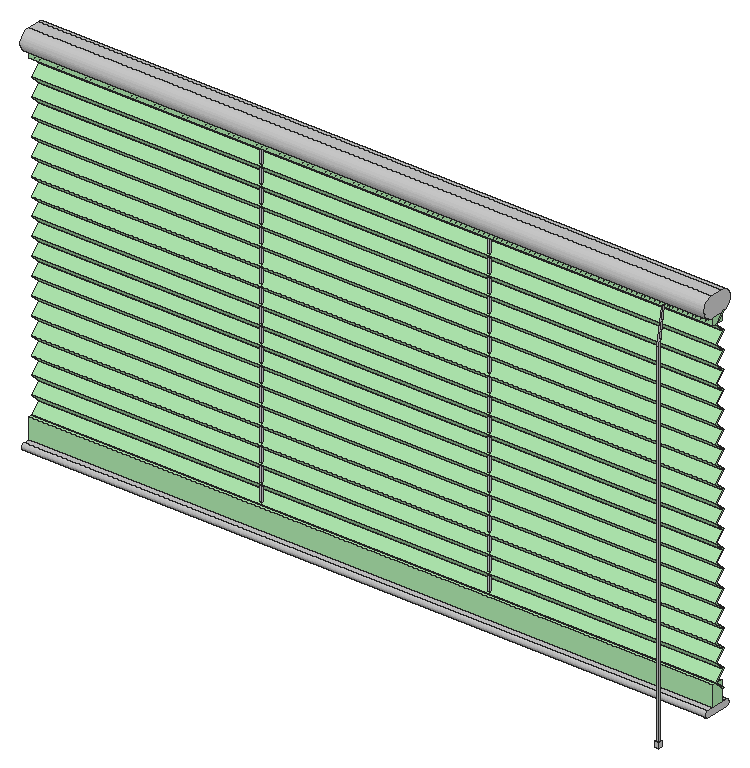
Revit family "Window-Treatment_Pleated_SWFcontract_Pleated-Motorized", category Specialty Equipment, Revit 2026
Family settings
  Round Connector Dimension = Use Diameter
  Part Type = Normal
  Classification Number = 23.30.60.14
  Work Plane-Based = Yes
  Enable Cutting in Views = No
  Always vertical = No
  Cut with Voids When Loaded = No
  Maintain Annotation Orientation = No
  Shared = No
  Room Calculation Point = No
Parameters (values of type "FashionPleat Motorized")
  cellvis [instance] = not(or(and(Cell Count = 2, Large Single Cell Construction), and(or(Small Single Cell Construction, Double Cell Construction), Percent Open = 100)))  # yes
  cellcountcontrol [instance] = if(cellheightcontrol < percentopen, Cell Count + 1, Cell Count)  # 19
  Small Single Cell Construction = yes
  cellheightcontrol [instance] = Cell Count * Cell Spacing  # 1' - 10 1/2"
  slatstackvis [instance] = Percent Open > 0  # yes
  slatstackdepthcount [instance] = ((Unit Height - (Header Height + 0' 0 7/16")) - percentopen) / 0' 1"  # 23
  slatstackdepth [instance] = if(slatstackvis, slatstackdepthcount * 0' 0 1/16", 0' 0")  # 0' - 1 7/16"
  percentopenknob [instance] = (Unit Height - (0' 10")) - ((Unit Height - (0' 10")) * (Percent Open / 100))  # 1' - 7"
  percentopen [instance] = (Unit Height - (Header Height + 0' 0 7/16")) - ((Unit Height - (Header Height + 0' 0 7/16")) * (Percent Open / 100))  # 1' - 11 1/16"
  Large Single Cell Construction = no
  Include Fabric Tapes [instance] = yes
  Header Height = 0' - 1 7/16"
  Header Depth = 0' - 2"
  handlelength = Unit Height * 0.625  # 2' - 6"
  Warranty Duration (Years) = 0
  Unit Width = 4' - 0"
  Unit Height = 4' - 0"
  URL = "http://www.swfcontract.com/Pages/Home.aspx"
  Specification = "http://www.arcat.com/sdspecs/htm/12490swf.htm"
  SpecWizard = "http://www.arcat.com/specwizard/clients/springsw.html?coid=46294"
  Double Cell Construction = no
  Cell Spacing = 0' - 1 1/4"  # constant formula
  Cell Count [instance] = if((percentopen / 2) < Cell Spacing * 2, 2, (percentopen) / Cell Spacing)  # 18
  Send Message = "http://www.arcat.com/users.pl?action=UserEmail&company=SWFcontract&coid=46294&rep=147&fax=&mf="
  Sales Information = "http://www.swfcontract.com/Pages/Contact-Us.aspx"
  Revision = "R1_03-2014"
  Product Properties = ""
  Product Data = "http://www.arcat.com/arcatcos/cos46/arc46294.html"
  Percent Open [instance] = 50
  Model = "Graber FashionPleat as Specified"
  Manufacturer Website = "http://www.swfcontract.com/Pages/Home.aspx"
  Manufacturer Phone - Toll Free = "800-327-9798"
  Manufacturer Phone = ""
  Manufacturer Fax = ""
  Manufacturer Address = "7549 Graber Rd.  Middleton, WI 53562-1096"
  Manufacturer = "SWFcontract"
  Maintenance Schedule (Months) = 0
  Keynote = "12490"
  Installation-Fabrication = ""
  Installation Phase = ""
  Green Building-LEED = "http://www.arcat.com/green/clients/leed_data_46294.html"
  Fixture Material [instance] = Metal - SWFcontract - Color as Specified
  Fabric Color [instance] = Fabric - SWFcontract - Fabric as Specified
  Expected Lifespan (Years) = 0
  Drawn By = "Sumex Design, Inc. / Robert S. Weygant, CSI, CDT, SCIP"
  Description = "SWFcontract Motorized Pleated Shade - Graber FashionPleat as Specified"
  Default Elevation = 0' - 0"
  Copyright = "©Arcat Inc."
  Control Chord Right [instance] = yes
  Control Chord Left [instance] = not(Control Chord Right)  # no
  Construction Details = "http://www.arcat.com/details/springsw/springsw.html?coid=46294"
  Coarse Medium View Blind Material [instance] = Fabric - SWFcontract - Fabric Pleated as Specified
  Assembly Code = "E2010300"
Types (2): name | Small Single Cell Construction | Double Cell Construction | Model | Description
  FashionPleat Motorized | yes | no | "Graber FashionPleat as Specified" | "SWFcontract Motorized Pleated Shade - Graber FashionPleat as Specified"
  EvenPleat Motorized | no | yes | "Graber EvenPleat as Specified" | "SWFcontract Motorized Pleated Shade - Graber EvenPleat as Specified"
Reference planes (in)
  plane 1 "Vertical Surface": y = 0
  plane 2 "Bottom": z = 0
  plane 3 "Center (Left/Right)": x = 0
  plane 4 "Left": x = -24
  plane 5 "Right": x = 24
  plane 6 "Top": z = 48
  plane 7: x = -16
  plane 8: x = 16
  plane 9: z = 21.625
  plane 10: x = -8
  plane 11: x = 8
  plane 12: z = 46.5625
  plane 13: z = 22.0625
  plane 14: z = 19
  plane 15: x = 21
  plane 16: x = -21
  plane 17: z = 45.125
  plane 18: y = -2
  plane 19: y = -1
  plane 20: z = 24.75
  plane 21: z = 23.5
Forms (in)
  Extrusion 1, solid, material "Metal - SWFcontract - Color as Specified" <- "Fixture Material"
    sketch origin (0, 0, 0) x (0, 1, 0) y (0, 0, 1)
      loop
        arc (-0.5625, 46.5625) -> (0.15625, 47.28125) -> (-0.5625, 48) r 0.71875
        line (-0.5625, 48) -> (-1.4375, 48)
        arc (-1.4375, 48) -> (-2.15625, 47.28125) -> (-1.4375, 46.5625) r 0.71875
        line (-1.4375, 46.5625) -> (-0.5625, 46.5625)
    from -24 to 24
  Extrusion 2, solid, material "Metal - SWFcontract - Color as Specified" <- "Fixture Material"
    sketch origin (15.5, -180, 2.35823) x (0, 0, 1) y (0, -1, 0)
      loop
        arc (19.70427, -178.21875) -> (19.48552, -178) -> (19.26677, -178.21875) r 0.21875
        line (19.26677, -178.21875) -> (19.26677, -179.78125)
        arc (19.26677, -179.78125) -> (19.48552, -180) -> (19.70427, -179.78125) r 0.21875
        line (19.70427, -179.78125) -> (19.70427, -178.21875)
    from -39.5 to 8.5
  Extrusion 3, solid, material "Fabric - SWFcontract - Fabric Pleated as Specified" <- "Coarse Medium View Blind Material", detail levels coarse+medium
    sketch origin (0, 0, 0) x (0, 1, 0) y (0, 0, 1)
      loop
        line (-0.625, 22.0625) -> (-0.625, 47.33594) -> (-1.375, 47.33594) -> (-1.375, 22.0625) -> (-0.625, 22.0625)
    from -24 to 24
  Extrusion 4, solid, material "Metal - SWFcontract - Color as Specified" <- "Fixture Material", visible <- "Control Chord Right"
    sketch origin (21, -180, 73.87488) x (0, 0, 1) y (0, -1, 0)
      loop
        line (-27.31238, -177.90899) -> (-29.68065, -177.53399) -> (-54.49988, -177.53399) -> (-54.49988, -177.62774) -> (-29.693, -177.62774) -> (-27.31238, -178.00605) -> (-27.31238, -177.90899)
    from 0.04688 to -0.04688
  Extrusion 5, solid, material "Metal - SWFcontract - Color as Specified" <- "Fixture Material", visible <- "Control Chord Right"
    sketch origin (21, -180, 73.87488) x (0, 0, 1) y (0, -1, 0)
      loop
        line (-54.49988, -177.46377) -> (-54.87488, -177.46377) -> (-54.87488, -177.71377) -> (-54.49988, -177.71377) -> (-54.49988, -177.46377)
    from 0.125 to -0.125
  Extrusion 6, solid, material "Fabric - SWFcontract - Fabric as Specified" <- "Fabric Color", visible <- "slatstackvis", detail levels fine
    sketch origin (0, 0, 0) x (0, 1, 0) y (0, 0, 1)
      loop
        line (-1.375, 22) -> (-0.625, 22) -> (-0.625, 23.5) -> (-1.375, 23.5) -> (-1.375, 22)
    from -24 to 24
  Extrusion 7, solid, visible <- "Control Chord Left"
    sketch origin (-21, -180, 75.35457) x (0, 0, 1) y (0, -1, 0)
      loop
        line (-28.79207, -177.90899) -> (-31.16034, -177.53399) -> (-55.97957, -177.53399) -> (-55.97957, -177.62774) -> (-31.17268, -177.62774) -> (-28.79207, -178.00605) -> (-28.79207, -177.90899)
    from 0.04688 to -0.04688
  Extrusion 8, solid, material "Metal - SWFcontract - Color as Specified" <- "Fixture Material", visible <- "Control Chord Left"
    sketch origin (-21, -180, 75.35457) x (0, 0, 1) y (0, -1, 0)
      loop
        line (-55.97957, -177.46377) -> (-56.35457, -177.46377) -> (-56.35457, -177.71377) -> (-55.97957, -177.71377) -> (-55.97957, -177.46377)
    from 0.125 to -0.125
  Extrusion 9, solid, material "Fabric - SWFcontract - Fabric as Specified" <- "Fabric Color"
    sketch origin (0, 0, 0) x (0, 1, 0) y (0, 0, 1)
      loop
        line (-0.625, 46.5625) -> (-1.375, 46.5625) -> (-1.375, 46.0625) -> (-0.625, 46.0625) -> (-0.625, 46.5625)
    from -24 to 24
  Extrusion 10, solid, detail levels fine
    sketch origin (0, 0.1875, 0) x (1, 0, 0) y (0, 1, 0)
      loop
        line (-8.0625, -1.09375) -> (-8.0625, -1.21875) -> (-7.9375, -1.21875) -> (-7.9375, -1.09375) -> (-8.0625, -1.09375)
      loop
        line (8.0625, -1.09375) -> (7.9375, -1.09375) -> (7.9375, -1.21875) -> (8.0625, -1.21875) -> (8.0625, -1.09375)
    from 22.0625 to 46.5625
Dimensions and locks (in)
  "Unit Width": plane 4 "Left" to plane 5 "Right"
  "Unit Height": plane 6 "Top" to level
  equal spacing: plane 5 "Right", plane 8, plane 11, plane 3 "Center (Left/Right)", plane 10, plane 7, plane 4 "Left"
  locked: plane 6 "Top" to Extrusion 3 sketch curve at 0.66406
  locked: plane 13 to plane 9 at 0.4375
  "Header Height": plane 6 "Top" to plane 12
  "percentopenknob": plane 14 to level
  locked: Extrusion 4 sketch curve to plane 14 at 0.375
  locked: plane 16 to plane 4 "Left" at 3
  locked: plane 5 "Right" to plane 15 at 3
  locked: Extrusion 5 sketch curve to plane 14 at 0.375
  "percentopen": plane 13 to plane 17
  "slatstackdepth": plane 17 to plane 12
  locked: Extrusion 7 sketch curve to Extrusion 7 sketch curve at 0.01234
  locked: Extrusion 7 sketch curve to plane 14 at 0.375
  "Header Depth": plane 18 to plane 1 "Vertical Surface"
  equal spacing: Extrusion 6 sketch curve, plane 19, Extrusion 6 sketch curve
  locked: Extrusion 6 sketch curve to Extrusion 6 sketch curve at 0.75
  equal spacing: Extrusion 3 sketch curve, plane 19, Extrusion 3 sketch curve
  locked: Extrusion 3 sketch curve to Extrusion 3 sketch curve at 0.75
  equal spacing: plane 18, plane 19, plane 1 "Vertical Surface"
  Extrusion 4 sketch curve to Extrusion 4 sketch curve to Extrusion 4 sketch curve to plane 18 to Extrusion 4 sketch curve = 0' - 0 3/32" locked, 0' - 0 9/32" locked, 0' - 0.09101" locked, 0' - 0.00605" locked
  Extrusion 7 sketch curve to Extrusion 7 sketch curve to Extrusion 7 sketch curve to plane 18 to Extrusion 7 sketch curve = 0' - 0 3/32" locked, 0' - 0 9/32" locked, 0' - 0.09101" locked, 0' - 0.00605" locked
  Extrusion 5 sketch curve to Extrusion 5 sketch curve to plane 18 = 0' - 0 1/4" locked, 0' - 0.28623" locked
  Extrusion 8 sketch curve to Extrusion 8 sketch curve to plane 18 = 0' - 0 1/4" locked, 0' - 0.28623" locked
  locked: Extrusion 8 sketch curve to plane 14 at 0.375
  "slatstackdepth": plane 13 to plane 21
  "Cell Spacing": plane 21 to plane 20
  locked: Extrusion 6 sketch curve to plane 13 at 0.0625
  equal spacing: group 1, group 2, group 3, group 4, group 5, group 6, group 7, group 8, group 9, group 10, group 11, group 12, group 13, group 14, group 15, group 16, group 17, group 18, group 19  (x3)
  "Cell Spacing": nested 2 to nested 1
  Extrusion 10 sketch curve to plane 10 to Extrusion 10 sketch curve = 0' - 0 1/16" locked, 0' - 0 1/16" locked
  Extrusion 10 sketch curve to plane 11 to Extrusion 10 sketch curve = 0' - 0 1/16" locked, 0' - 0 1/16" locked
  locked: Extrusion 9 sketch curve to plane 12 at 0.5
  aligned and locked: plane 5 "Right" to Extrusion 1
  aligned and locked: Extrusion 1 to plane 4 "Left"
  aligned and locked: plane 5 "Right" to Extrusion 2
  aligned and locked: Extrusion 2 to plane 4 "Left"
  aligned and locked: plane 5 "Right" to Extrusion 3
  aligned and locked: Extrusion 3 to plane 4 "Left"
  aligned and locked: plane 12 to Extrusion 4 sketch curve
  aligned and locked: plane 14 to Extrusion 5 sketch curve
  aligned and locked: plane 5 "Right" to Extrusion 6
  aligned and locked: Extrusion 6 to plane 4 "Left"
  aligned and locked: plane 12 to Extrusion 7 sketch curve
  aligned and locked: plane 14 to Extrusion 8 sketch curve
  aligned and locked: plane 13 to Extrusion 2 sketch curve
  aligned and locked: Extrusion 1 sketch curve to plane 6 "Top"
  aligned and locked: Extrusion 3 sketch curve to plane 13
  aligned and locked: Extrusion 6 sketch curve to plane 21
  aligned and locked: nested 2 to plane 20
  aligned and locked: Extrusion 9 sketch curve to plane 12
  aligned and locked: plane 5 "Right" to Extrusion 9
  aligned and locked: Extrusion 9 to plane 4 "Left"
  aligned and locked: nested 1 to plane 21
  aligned and locked: Extrusion 10 to plane 12
  aligned and locked: plane 13 to Extrusion 10
Automatic sketch dimensions
  Extrusion 4 sketch curve to Extrusion 4 sketch curve = 0' - 0.01234"
  plane 19 to Extrusion 1 sketch curve = 0' - 0 7/16"
  Extrusion 1 sketch curve to plane 19 = 0' - 0 7/16"
  plane 12 to Extrusion 1 sketch curve = 0' - 0"
  plane 1 "Vertical Surface" to Extrusion 2 sketch curve = 0' - 0 7/32"
  plane 18 to Extrusion 2 sketch curve = 0' - 0 7/32"
  Extrusion 2 sketch curve to plane 9 = 0' - 0"
  Extrusion 4 sketch curve to plane 17 = 0' - 0.94311"
  Extrusion 7 sketch curve to plane 17 = 0' - 0.94311"
  plane 19 to Extrusion 10 sketch curve = 0' - 0 1/32"  (x2)
  Extrusion 10 sketch curve to plane 19 = 0' - 0 3/32"  (x2)
  plane 19 to Extrusion 9 sketch curve = 0' - 0 3/8"
  Extrusion 9 sketch curve to plane 19 = 0' - 0 3/8"
Nested families (in)
  nested 1: "Pleated" at (0, -0.76953, 23.5), mat <- "Fabric Color", Unit Width <- "Unit Width", visible <- "cellvis", type "Pleat"
    with slat width 0' - 1", mat Fabric - SWFcontract - Fabric as Specified, Unit Width 4' - 0", Blind Rotate 0.00°
  nested 2: "Pleated" at (0, -0.76953, 24.75), mat <- "Fabric Color", Unit Width <- "Unit Width", visible <- "cellvis", type "Pleat"
    with slat width 0' - 1", mat Fabric - SWFcontract - Fabric as Specified, Unit Width 4' - 0", Blind Rotate 0.00°
  nested 3: "Pleated" at (0, -0.76953, 26), mat <- "Fabric Color", Unit Width <- "Unit Width", visible <- "cellvis", type "Pleat"
    with slat width 0' - 1", mat Fabric - SWFcontract - Fabric as Specified, Unit Width 4' - 0", Blind Rotate 0.00°
  nested 4: "Pleated" at (0, -0.76953, 27.25), mat <- "Fabric Color", Unit Width <- "Unit Width", visible <- "cellvis", type "Pleat"
    with slat width 0' - 1", mat Fabric - SWFcontract - Fabric as Specified, Unit Width 4' - 0", Blind Rotate 0.00°
  nested 5: "Pleated" at (0, -0.76953, 28.5), mat <- "Fabric Color", Unit Width <- "Unit Width", visible <- "cellvis", type "Pleat"
    with slat width 0' - 1", mat Fabric - SWFcontract - Fabric as Specified, Unit Width 4' - 0", Blind Rotate 0.00°
  nested 6: "Pleated" at (0, -0.76953, 29.75), mat <- "Fabric Color", Unit Width <- "Unit Width", visible <- "cellvis", type "Pleat"
    with slat width 0' - 1", mat Fabric - SWFcontract - Fabric as Specified, Unit Width 4' - 0", Blind Rotate 0.00°
  nested 7: "Pleated" at (0, -0.76953, 31), mat <- "Fabric Color", Unit Width <- "Unit Width", visible <- "cellvis", type "Pleat"
    with slat width 0' - 1", mat Fabric - SWFcontract - Fabric as Specified, Unit Width 4' - 0", Blind Rotate 0.00°
  nested 8: "Pleated" at (0, -0.76953, 32.25), mat <- "Fabric Color", Unit Width <- "Unit Width", visible <- "cellvis", type "Pleat"
    with slat width 0' - 1", mat Fabric - SWFcontract - Fabric as Specified, Unit Width 4' - 0", Blind Rotate 0.00°
  nested 9: "Pleated" at (0, -0.76953, 33.5), mat <- "Fabric Color", Unit Width <- "Unit Width", visible <- "cellvis", type "Pleat"
    with slat width 0' - 1", mat Fabric - SWFcontract - Fabric as Specified, Unit Width 4' - 0", Blind Rotate 0.00°
  nested 10: "Pleated" at (0, -0.76953, 34.75), mat <- "Fabric Color", Unit Width <- "Unit Width", visible <- "cellvis", type "Pleat"
    with slat width 0' - 1", mat Fabric - SWFcontract - Fabric as Specified, Unit Width 4' - 0", Blind Rotate 0.00°
  nested 11: "Pleated" at (0, -0.76953, 36), mat <- "Fabric Color", Unit Width <- "Unit Width", visible <- "cellvis", type "Pleat"
    with slat width 0' - 1", mat Fabric - SWFcontract - Fabric as Specified, Unit Width 4' - 0", Blind Rotate 0.00°
  nested 12: "Pleated" at (0, -0.76953, 37.25), mat <- "Fabric Color", Unit Width <- "Unit Width", visible <- "cellvis", type "Pleat"
    with slat width 0' - 1", mat Fabric - SWFcontract - Fabric as Specified, Unit Width 4' - 0", Blind Rotate 0.00°
  nested 13: "Pleated" at (0, -0.76953, 38.5), mat <- "Fabric Color", Unit Width <- "Unit Width", visible <- "cellvis", type "Pleat"
    with slat width 0' - 1", mat Fabric - SWFcontract - Fabric as Specified, Unit Width 4' - 0", Blind Rotate 0.00°
  nested 14: "Pleated" at (0, -0.76953, 39.75), mat <- "Fabric Color", Unit Width <- "Unit Width", visible <- "cellvis", type "Pleat"
    with slat width 0' - 1", mat Fabric - SWFcontract - Fabric as Specified, Unit Width 4' - 0", Blind Rotate 0.00°
  nested 15: "Pleated" at (0, -0.76953, 41), mat <- "Fabric Color", Unit Width <- "Unit Width", visible <- "cellvis", type "Pleat"
    with slat width 0' - 1", mat Fabric - SWFcontract - Fabric as Specified, Unit Width 4' - 0", Blind Rotate 0.00°
  nested 16: "Pleated" at (0, -0.76953, 42.25), mat <- "Fabric Color", Unit Width <- "Unit Width", visible <- "cellvis", type "Pleat"
    with slat width 0' - 1", mat Fabric - SWFcontract - Fabric as Specified, Unit Width 4' - 0", Blind Rotate 0.00°
  nested 17: "Pleated" at (0, -0.76953, 43.5), mat <- "Fabric Color", Unit Width <- "Unit Width", visible <- "cellvis", type "Pleat"
    with slat width 0' - 1", mat Fabric - SWFcontract - Fabric as Specified, Unit Width 4' - 0", Blind Rotate 0.00°
  nested 18: "Pleated" at (0, -0.76953, 44.75), mat <- "Fabric Color", Unit Width <- "Unit Width", visible <- "cellvis", type "Pleat"
    with slat width 0' - 1", mat Fabric - SWFcontract - Fabric as Specified, Unit Width 4' - 0", Blind Rotate 0.00°
  nested 19: "Pleated" at (0, -0.76953, 46), mat <- "Fabric Color", Unit Width <- "Unit Width", visible <- "cellvis", type "Pleat"
    with slat width 0' - 1", mat Fabric - SWFcontract - Fabric as Specified, Unit Width 4' - 0", Blind Rotate 0.00°
Connectors (in)
  electrical at (-24, -1, 47.28125)
    settings: on Extrusion 1, index 1, voltage 0 V, apparent load 0 VA, apparent load phase1 0 VA, apparent load phase2 0 VA, apparent load phase3 0 VA, power factor 1, load classification "Other", number of poles 1, system type 13, power factor state 1, is connector primary yes, connector utility no, sub classification motor no, connector description ""
Definition of nested family "Pleated"
  Parameters
    slat width [instance] = 0' - 1"
    mat [instance] = none
    Warranty Duration (Years) = 0
    Unit Width [instance] = 2' - 8"
    URL = ""
    Specification = ""
    SpecWizard = ""
    Send Message = ""
    Sales Information = ""
    Revision = "R1_01-2014"
    Product Properties = ""
    Product Data = ""
    Model = "As Specified"
    Manufacturer Website = ""
    Manufacturer Phone - Toll Free = ""
    Manufacturer Phone = ""
    Manufacturer Fax = ""
    Manufacturer Address = ""
    Manufacturer = ""
    Maintenance Schedule (Months) = 0
    Keynote = ""
    Installation-Fabrication = ""
    Installation Phase = ""
    Green Building-LEED = ""
    Expected Lifespan (Years) = 0
    Drawn By = "Sumex Design, Inc. / Robert S. Weygant, CSI, CDT, SCIP"
    Description = ""
    Default Elevation = 0' - 0"
    Copyright = "©Arcat Inc."
    Construction Details = ""
    Blind Rotate [instance] = 0.00°
    Assembly Code = ""
  Reference planes (in)
    plane 1 "Center (Front/Back)": y = 0
    plane 2 "Bottom": z = 0
    plane 3 "Center (Left/Right)": x = 0
    plane 4 "Left": x = -16
    plane 5 "Right": x = 16
  Forms (in)
    Sweep 1, solid, material <- "mat"
      path origin (0, 0, 0) x (1, 0, 0) y (0, 1, 0)
        loop
          line (-16, 0) -> (16, 0)
      profile "Pleat : Pleat" origin (0, 0, 0) x (0, 1, 0) y (0, 0, 1)
        loop
          line (-0.27737, 0) -> (0.375, 0.625) -> (0.27737, 0.625) -> (-0.375, 0) -> (0.27737, -0.625) -> (0.375, -0.625) -> (-0.27737, 0)
  Dimensions and locks (in)
    equal spacing: plane 4 "Left", plane 3 "Center (Left/Right)", plane 5 "Right"
    "Unit Width": plane 4 "Left" to plane 5 "Right"
    aligned and locked: plane 4 "Left" to Sweep 1 sketch curve
    aligned and locked: plane 5 "Right" to Sweep 1 sketch curve
  Automatic sketch dimensions
    plane 1 "Center (Front/Back)" to Sweep 1 sketch curve = 0' - 0"
